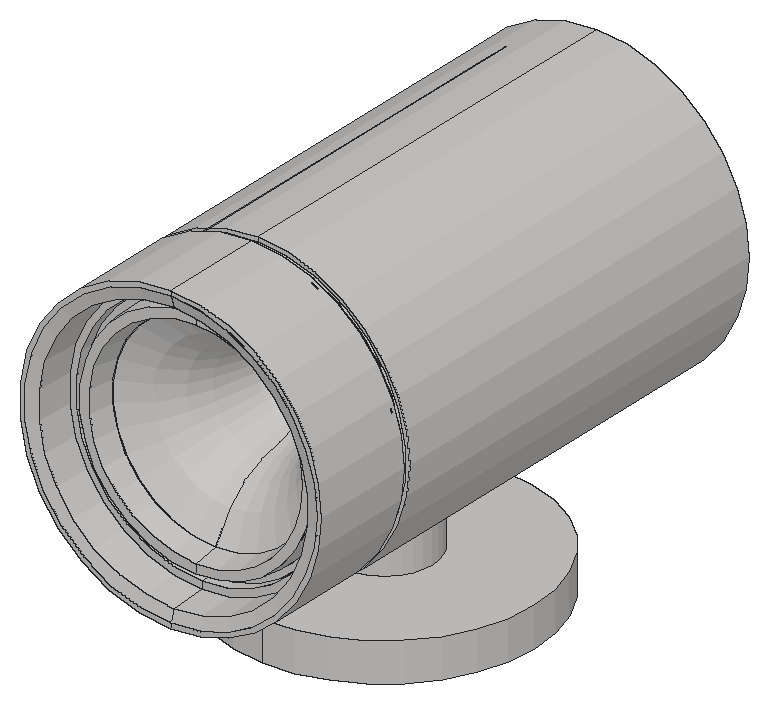
Revit family "Lighting-Luminii-Leto_11_WM (1)", category Lighting Fixtures, host Face, Revit 2024
Family settings
  Host = Face
  Round Connector Dimension = Use Diameter
  Part Type = Normal
  OmniClass Number = 23.80.70.11.14.21
  OmniClass Title = Spots and Tracklight Specialties
  Cut with Voids When Loaded = No
  Light Source = Yes
  Maintain Annotation Orientation = No
  Shared = Yes
  Room Calculation Point = No
Parameters (values of type "Leto 11 WM")
  Width = 4.92188"  # constant formula
  Wattage Comments = "6.1W"
  Wattage = 6.10022 W
  Warranty URL = "https://www.luminii.com/terms-conditions/"
  built-in parameter 1150110 = 1 (stored number, unit not read)
  Voltage Comments = "120V | 277V | 347V"  # constant formula
  Voltage = 120 V
  Version = "2020 - v1.0a"  # constant formula
  URL = "https://www.luminii.com/"
  built-in parameter 1114217 = 1 (stored number, unit not read)
  Tilt Angle = 0.00°  # constant formula
  built-in parameter 1150109 = 1 (stored number, unit not read)
  built-in parameter 1150134 = (empty or 0)
  built-in parameter 1150113 = 1 (stored number, unit not read)
  Support Phone = "224-699-9545"  # constant formula
  Support Email = "mailto:support@bimsmith.com"
  Product Page URL = "https://www.luminii.com/product/leto-11-wm/"
  Power Source Type = "Driver"  # constant formula
  Power Factor = 1
  Photometric Web File = "Leto 11 W-S-07-35K-F18-DL-18.06.2024.ies"
  Phase = 1
  Operating Temperature = "Consult Manufacturer Website for more Information"  # constant formula
  Number of Poles = if(and(or(Voltage = 120 V, Voltage = 277 V), Phase = 1), 1, if(and(or(Voltage = 208 V, Voltage = 240 V), Phase = 1), 2, if(and(or(Voltage = 208 V, Voltage = 240 V), Phase = 3), 3, if(and(Voltage > 300 V, Phase = 1), 2, if(and(Voltage > 400 V, Phase = 3), 3, 1)))))  # 1
  Mounting Method = "Wall Mount"  # constant formula
  Model = "745"  # constant formula
  Manufacturer Phone Number = "403-216-7043"  # constant formula
  Manufacturer Email = "mailto: info@sensolighting.com"
  Manufacturer Address = "302 50 Ave SE. Calgary, Alberta, T2G 2A9 Canada"  # constant formula
  Manufacturer = "Luminii"  # constant formula
  built-in parameter 1150105 = 55.704 (stored number, unit not read)
  Lumens = 700 lm
  Luminaire Type = "Consult Manufacturer Website for more Information"  # constant formula
  built-in parameter 1150115 = 1 (stored number, unit not read)
  Load Classification = Lighting
  built-in parameter 1150137 = (empty or 0)
  built-in parameter 1150139 = (empty or 0)
  Lens Material = Plastic - Luminii - Frosted Lens
  Length [instance] = 8.66016"  # constant formula
  built-in parameter 1150112 = 1 (stored number, unit not read)
  built-in parameter 1150114 = 1 (stored number, unit not read)
  Lamp Life = 1
  Lamp = "LED"  # constant formula
  Keynote = "26 50 00"
  built-in parameter 1150132 = 2
  built-in parameter 1150102 = (empty or 0)
  built-in parameter 1150107 = 3500 (stored number, unit not read)
  Initial Color Comments = "Perfomance based on 3500K Photometric Web File"  # constant formula
  built-in parameter 1150138 = (empty or 0)
  built-in parameter 1150106 = 0.55704 (stored number, unit not read)
  Housing Protection Rating = "Consult Manufacturer Website for more Information"  # constant formula
  Has Dimming = 1 = 1  # yes
  Has Battery Backup = 0 = 1  # no
  Frequency Comments = ""  # constant formula
  Frequency = 60 Hz
  Finish = Metal - Luminii - Silver Anodized Aluminum
  Environment = "Indoor"  # constant formula
  built-in parameter 1150104 = 10.661 (stored number, unit not read)
  Dimming Type = "Consult Manufacturer Website for more Information"  # constant formula
  Dimming Lamp Color Temperature Shift = <None>
  Description = "Wall Mount Cylinder"  # constant formula
  Depth = 6.46094"  # constant formula
  Default Elevation = 0.00"  # constant formula
  Current Amps = 50 A
  Copyright = "©2023 Luminii"  # constant formula
  Control Zone = "Consult Manufacturer Website for more Information"  # constant formula
  Control Type = "Consult Manufacturer Website for more Information"  # constant formula
  Constraints = 1  # constant formula
  Color Filter = 16777215
  built-in parameter 1114216 [instance] = 0  # (empty or 0)
  built-in parameter 1140040 [instance] = 1 = 1  # 1
  CCT = "3500K"
  built-in parameter 1114218 = 1 (stored number, unit not read)
  built-in parameter 1150133 = 10 (stored number, unit not read)
  Assembly Code = "D5020230"
  Apparent Load = Wattage / Power Factor  # 6.10022 VA
Reference planes (in)
  plane 1 "Center (Front/Back)": y = 0
  plane 2: z = 0
  plane 3 "Center (Left/Right)": x = 0
  plane 4: x = -2.46094
  plane 5: x = 2.46094
  plane 6: y = 4.33008
  plane 7: y = -4.33008
  plane 8: z = 3.78887
Forms (in)
  Extrusion 1, solid, material "Metal - Luminii - Silver Anodized Aluminum", not visible
    sketch origin (0, 0, 0) x (1, 0, 0) y (0, 1, 0)
      loop
        circle (0, 0) r 0.5
    from 0 to -0.17225
Lines and regions (in)
  model lines
    curve 1: line (-2.46063, 0, 0) -> (2.46063, 0, 0)
Dimensions and locks (in)
  equal spacing: plane 4, plane 3 "Center (Left/Right)", plane 5
  equal spacing: plane 6, plane 1 "Center (Front/Back)", plane 7
  locked: plane 6 to plane 7 at 8.66016
  locked: plane 8 to nested 1 at 3.78887
  locked: plane 1 "Center (Front/Back)" to imposter light at 1.96094
  nested 1 to nested 1 = 8.66142"
  locked: plane 4 to plane 5 at 4.92188
  aligned and locked: plane 2 to host face
  aligned and locked: plane 3 "Center (Left/Right)" to Extrusion 1 sketch curve
  aligned and locked: plane 1 "Center (Front/Back)" to Extrusion 1 sketch curve
  aligned and locked: plane 2 to Extrusion 1  (x2)
  aligned and locked: imposter light to plane 3 "Center (Left/Right)"
  aligned and locked: plane 3 "Center (Left/Right)" to nested 1
  aligned and locked: plane 1 "Center (Front/Back)" to nested 1
Automatic sketch dimensions
  host sketch curve to host sketch curve = 96.00"  (x2)
  curve 1 to level = 0.00"
  curve 1 to plane 3 "Center (Left/Right)" = 2.46063"
  plane 3 "Center (Left/Right)" to curve 1 = 2.46063"
  radius of Extrusion 1 sketch curve = 0.50"
Nested families (in)
  nested 1: "Nested - Lamp" at (0, 0, 0), type "Nested - Lamp"
Connectors (in)
  electrical at (0, 0, 0), driven by "Number of Poles", driven by "Load Classification", driven by "Voltage", driven by "Apparent Load", driven by "Power Factor"
    settings: on Extrusion 1, index 1, voltage 120 V, apparent load 6.10022 VA, apparent load phase1 0 VA, apparent load phase2 0 VA, apparent load phase3 0 VA, power factor 1, load classification "Lighting", number of poles 1, system type 30, power factor state 1, is connector primary yes, connector utility no, sub classification motor no, connector description "Power Connection"
Definition of nested family "Nested - Lamp"
  Parameters (values of type "Nested - Lamp")
    Screen Material = none
    Finish = none
    Default Elevation = 48.00"
  Reference planes (in)
    plane 1 "Center (Front/Back)": y = 0
    plane 2: z = 0
    plane 3 "Center (Left/Right)": x = 0
    plane 4: z = 3.78887
  Forms (in)
    Extrusion 1, solid
      sketch origin (0, 0, 0) x (1, 0, 0) y (0, 1, 0)
        loop
          line (-48, 48) -> (-48, -48) -> (48, -48) -> (48, 48) -> (-48, 48)
      from 0 to -12
    Revolve 2, solid, material <- "Finish", detail levels medium+fine
      sketch origin (0, 0, 0) x (0, 1, 0) y (0, 0, 1)
        loop
          line (-4.33071, 1.32824) -> (-2.67717, 1.32824) -> (-2.67717, 1.3912) -> (-2.65443, 1.41393) -> (-2.58179, 1.41393) -> (-2.55906, 1.3912) -> (-2.55906, 1.32824) -> (4.33071, 1.32824) -> (4.33071, 1.4621) -> (4.20866, 1.4621) -> (4.20866, 3.78887) -> (4.13386, 3.78887) -> (4.13386, 1.52509) -> (-3.35469, 1.52509) -> (-3.35469, 2.11614) -> (-3.4252, 2.11614) -> (-3.8189, 2.04672) -> (-3.8189, 1.89723) -> (-3.54331, 1.8585) -> (-3.54331, 1.75574) -> (-3.70233, 1.74182) -> (-3.70233, 1.62607) -> (-4.27552, 1.59603) -> (-4.33071, 1.40675) -> (-4.33071, 1.32824)
        axis (4.33071, 3.78887) -> (-4.33071, 3.78887)
      angle from 0 to 360
    Revolve 3, solid
      sketch origin (0, 0, 0) x (0, 1, 0) y (0, 0, 1)
        loop
          spline (-3.35469, 2.11614) -> (-3.21791, 2.34536) -> (-3.07298, 2.52767) -> (-2.92188, 2.67013) -> (-2.76618, 2.77954) -> (-2.60713, 2.86253) -> (-2.44613, 2.92553) -> (-2.28487, 2.9746) -> (-2.12511, 3.01579) -> (-1.96865, 3.05551) -> (-1.81731, 3.10038) -> (-1.67332, 3.15729) -> (-1.53937, 3.23356)
          line (-1.53937, 3.23356) -> (-1.53937, 2.80462) -> (-1.30315, 2.80462) -> (-1.30315, 3.78887) -> (-1.44094, 3.78887) -> (-1.44094, 3.33182)
          arc (-1.44094, 3.33182) -> (-1.49107, 3.321) -> (-1.53937, 3.30375) r 0.39344
          spline (-1.53937, 3.30375) -> (-1.66883, 3.22901) -> (-1.81084, 3.17183) -> (-1.96314, 3.12564) -> (-2.12347, 3.08383) -> (-2.2896, 3.03982) -> (-2.45925, 2.98701) -> (-2.63018, 2.9188) -> (-2.80014, 2.82861) -> (-2.96688, 2.70985) -> (-3.12813, 2.55591) -> (-3.28166, 2.3602) -> (-3.4252, 2.11614)
          line (-3.4252, 2.11614) -> (-3.35469, 2.11614)
        axis (-1.30315, 3.78887) -> (-3.4252, 3.78887)
      angle from 0 to 360
    Revolve 4, solid, material <- "Screen Material"
      sketch origin (0, 0, 0) x (0, 1, 0) y (0, 0, 1)
        loop
          arc (-1.80914, 3.78887) -> (-1.70564, 3.49541) -> (-1.44094, 3.33182) r 0.46777
          line (-1.44094, 3.33182) -> (-1.44094, 3.78887) -> (-1.80914, 3.78887)
        axis (-1.80914, 3.78887) -> (-1.44094, 3.78887)
      angle from 0 to 360
    Revolve 5, solid, material <- "Finish"
      sketch origin (0, 0, 0) x (0, 1, 0) y (0, 0, 1)
        loop
          line (0.78761, 0.62992) -> (0.78761, 1.44136) -> (0, 1.44136) -> (0, 0) -> (2.46063, 0) -> (2.46063, 0.62992) -> (0.78761, 0.62992)
        axis (0, 1.44136) -> (0, 0)
      angle from 0 to 360
    Revolve 6, solid, material <- "Finish", detail levels coarse
      sketch origin (0, 0, 0) x (0, 1, 0) y (0, 0, 1)
        loop
          line (-4.33071, 1.32824) -> (4.33071, 1.32824) -> (4.33071, 1.4621) -> (4.20866, 1.4621) -> (4.20866, 3.78887) -> (4.13386, 3.78887) -> (4.13386, 1.52509) -> (-3.35469, 1.52509) -> (-3.35469, 2.11614) -> (-3.8189, 2.11614) -> (-3.8189, 1.61996) -> (-4.33071, 1.59314) -> (-4.33071, 1.32824)
        axis (4.33071, 3.78887) -> (-4.33071, 3.78887)
      angle from 0 to 360
  Dimensions and locks (in)
    aligned and locked: plane 2 to Extrusion 1
    aligned and locked: level to Extrusion 1
